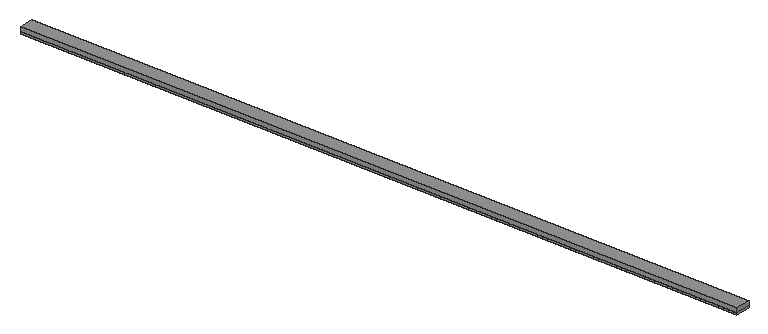
Revit family "0068118", category Lighting Fixtures, host Face, Revit 2017
Family settings
  Host = Face
  Round Connector Dimension = Use Diameter
  Part Type = Normal
  OmniClass Number = 23.80.70.00
  OmniClass Title = Lighting
  Cut with Voids When Loaded = No
  Light Source = Yes
  Shared = No
  Room Calculation Point = No
Parameters (values of type "0068118 START FLEX IP65 830 10250LM - 500 mm")
  Width_SYL = if(IP20HO_SYL, 10 mm, if(IP65_SYL, 12 mm, if(IP65HO_SYL, 10 mm, if(IP67_SYL, 10 mm, if(IP20RGB_SYL, 8 mm, if(IP20RGBW_SYL, 12 mm, if(IP67RGB_SYL, 12 mm, if(IP67RGBW_SYL, 14 mm, 8 mm))))))))  # 10 mm
  Weight = "2.0 kg"
  Wattage Comments = ""
  Wattage = 82.5 W
  WarrantyStartDate [instance] = "n/a"
  WarrantyGuarantorParts = "n/a"
  WarrantyDurationUnit = "n/a"
  WarrantyDurationParts = "n/a"
  WarrantyDescription = "n/a"
  built-in parameter 1150110 = 1 (stored number, unit not read)
  Voltage = 24 V
  URL = "http://www.sylvania-lighting.com"
  TypeName = "START Flex IP65 830 10250lm - 500 mm"
  Type Image = <None>
  Type Comments = "n/a"
  built-in parameter 1114217 = 1 (stored number, unit not read)
  Tilt Angle = -90.00°
  built-in parameter 1150109 = 1 (stored number, unit not read)
  built-in parameter 1150134 = (empty or 0)
  built-in parameter 1150113 = 1 (stored number, unit not read)
  StartCapWidth_SYL = if(IP20HO_SYL, 2 mm, if(IP65_SYL, 14 mm, if(IP65HO_SYL, 12 mm, if(IP67_SYL, 17.5 mm, if(IP20RGB_SYL, 2 mm, if(IP20RGBW_SYL, 2 mm, if(IP67RGB_SYL, 14 mm, if(IP67RGBW_SYL, 16 mm, 2 mm))))))))  # 12 mm
  StartCapVisible_SYL [instance] = no
  StartCapLength_SYL = if(IP20HO_SYL, 2 mm, if(IP65_SYL, 10 mm, if(IP65HO_SYL, 15 mm, if(IP67_SYL, 35 mm, if(IP20RGB_SYL, 2 mm, if(IP20RGBW_SYL, 2 mm, if(IP67RGB_SYL, 12 mm, if(IP67RGBW_SYL, 12 mm, 2 mm))))))))  # 15 mm
  StartCapHeight_SYL = if(IP20HO_SYL, 2 mm, if(IP65_SYL, 6 mm, if(IP65HO_SYL, 6 mm, if(IP67_SYL, 9.5 mm, if(IP20RGB_SYL, 2 mm, if(IP20RGBW_SYL, 2 mm, if(IP67RGB_SYL, 7 mm, if(IP67RGBW_SYL, 7 mm, 2 mm))))))))  # 6 mm
  SerialNumber [instance] = "n/a"
  SealingVisibility_SYL = yes
  IP67_SYL = no
  IP67RGB_SYL = no
  IP67RGBW_SYL = no
  IP65_SYL = no
  IP65HO_SYL = yes
  IP20RGB_SYL = no
  IP20RGBW_SYL = no
  IP20HO_SYL = no
  HeightWithSealing_SYL = if(IP20HO_SYL, 2 mm, if(IP65_SYL, 4 mm, if(IP65HO_SYL, 4 mm, if(IP67_SYL, 6 mm, if(IP20RGB_SYL, 2 mm, if(IP20RGBW_SYL, 2 mm, if(IP67RGB_SYL, 5 mm, if(IP67RGBW_SYL, 5 mm, 2 mm))))))))  # 4 mm
  Photometric Web File = "0068118.ies"
  Material_3_SYL = ABS Plastic
  PowerFactor = 0
  PowerConsumption = "82.5 W"
  NominalLength = 5000 mm
  NominalHeight = 4 mm
  NominalDepth = 12.5 mm
  Name = "START Flex IP65 830 10250lm - 500 mm"
  ModelReference = Name  # "START Flex IP65 830 10250lm - 500 mm"
  ModelNumber = "0068118"
  Model = Name  # "START Flex IP65 830 10250lm - 500 mm"
  Material = "other housing, silicone diffuser"
  ManufacturerName = "Feilo Sylvania"
  Manufacturer = "Feilo Sylvania"
  LuminousEfficacy = "124 lm/W"
  built-in parameter 1150105 = 3579 (stored number, unit not read)
  Lumens = 10230 lm
  LuminaireType = ""
  built-in parameter 1150115 = 1 (stored number, unit not read)
  LightOutputRatio = "n/a"
  built-in parameter 1150137 = (empty or 0)
  built-in parameter 1150139 = (empty or 0)
  Length_SYL = 500 mm
  LampsType = Lamp  # "LED"
  LampNominalLuminous = "10250 lm"
  LampMacAdamStep = "3"
  LampColourTemperature = "3000 K"
  LampColourRenderingIndex = "80"
  built-in parameter 1150112 = 1 (stored number, unit not read)
  built-in parameter 1150114 = 1 (stored number, unit not read)
  Lamp = "LED"
  Keynote = "16500"
  InstallationDate [instance] = "n/a"
  InputVoltage = "24V DC"
  InputNominalFrequency = "n/a"
  built-in parameter 1150132 = (empty or 0)
  built-in parameter 1150102 = (empty or 0)
  built-in parameter 1150107 = 3000 (stored number, unit not read)
  built-in parameter 1150138 = (empty or 0)
  IngressProtection = "IP65"
  ImpactProtectionIndex = "IK00"
  built-in parameter 1150106 = 35.79 (stored number, unit not read)
  IfcExportType = "IfcLightFixtureType"
  IfcExportAs = "IfcLightFixtureType"
  EndCapWidth_SYL = if(IP20HO_SYL, 2 mm, if(IP65_SYL, 14 mm, if(IP65HO_SYL, 12 mm, if(IP67_SYL, 17.5 mm, if(IP20RGB_SYL, 2 mm, if(IP20RGBW_SYL, 2 mm, if(IP67RGB_SYL, 14 mm, if(IP67RGBW_SYL, 16 mm, 2 mm))))))))  # 12 mm
  EndCapVisible_SYL [instance] = no
  EndCapLength_SYL = if(IP20HO_SYL, 2 mm, if(IP65_SYL, 10 mm, if(IP65HO_SYL, 10 mm, if(IP67_SYL, 15 mm, if(IP20RGB_SYL, 2 mm, if(IP20RGBW_SYL, 2 mm, if(IP67RGB_SYL, 10 mm, if(IP67RGBW_SYL, 10 mm, 2 mm))))))))  # 10 mm
  EndCapHeight_SYL = if(IP20HO_SYL, 2 mm, if(IP65_SYL, 6 mm, if(IP65HO_SYL, 6 mm, if(IP67_SYL, 9.5 mm, if(IP20RGB_SYL, 2 mm, if(IP20RGBW_SYL, 2 mm, if(IP67RGB_SYL, 7 mm, if(IP67RGBW_SYL, 7 mm, 2 mm))))))))  # 6 mm
  EmitSurfaceOffset_SYL = 1 mm  # constant formula
  EmitSurfaceHeight_SYL = if(IP20HO_SYL, 1.2 mm, if(IP65_SYL, 4 mm, if(IP65HO_SYL, 4 mm, if(IP67_SYL, 6 mm, if(IP20RGB_SYL, 1.2 mm, if(IP20RGBW_SYL, 1.2 mm, if(IP67RGB_SYL, 5 mm, if(IP67RGBW_SYL, 5 mm, 1.2 mm))))))))  # 4 mm
  built-in parameter 1150127 = if(IP20HO_SYL, 3.5 mm, if(IP65_SYL, 12 mm, if(IP65HO_SYL, 10 mm, if(IP67_SYL, 10 mm, if(IP20RGB_SYL, 5 mm, if(IP20RGBW_SYL, 5 mm, if(IP67RGB_SYL, 12 mm, if(IP67RGBW_SYL, 14 mm, 3.5 mm))))))))  # 10 mm
  Emit from Rectangle Length = Length_SYL - 2 * EmitSurfaceOffset_SYL  # 498 mm
  Emit Shape Visible in Rendering = no
  ElectricShockClassification = "Class III"
  built-in parameter 1150104 = 11.52 (stored number, unit not read)
  DocumentationLiterature = "http://www.sylvania-lighting.com/product/en-int/products/0068118"
  DimmingControlOptions = "n/a"
  Material_2_SYL = LED
  Dimming Lamp Color Temperature Shift = <None>
  Description = "5 metre IP65 LED reel with pre-attached 3M adhesive type;  equipped with 420 LEDs; 10250lm per 5m (2050lm per 1m); 24V; 3000K; CRI80; SDCM <3; 50000 hrs (L70). Needs to be used with aluminium profile for cooling LED chips purpose and therefore assuring longer lifetime (Profile HO Surface 16 0022604 can be used)."
  Default Elevation = 1219.2 mm
  CreatedOn = "9/11/2019"
  CreatedBy = "@sylvania-lighting.com"
  Cost = 0
  Color Filter = 16777215
  built-in parameter 1114216 [instance] = (empty or 0)
  ClassificationValue = "EF_70_80"
  ClassificationName = "Uniclass2015"
  Material_1_SYL = Aluminum
  BarCode [instance] = "n/a"
  built-in parameter 1114218 = 1 (stored number, unit not read)
  Emit from Rectangle Width = 3048 mm
  AssetType = "Fixed"
  AssetIdentifier [instance] = "n/a"
  Assembly Code = "D5020200"
  Apparent Load = 82.5 VA
  Material_4_SYL = Polycarbonate, Clear
Types (4, lengths in mm): name | TypeName | StartCapVisible_SYL | Name | ModelReference | Model | Length_SYL | EndCapVisible_SYL | Emit from Rectangle Length
  0068118 START FLEX IP65 830 10250LM - 500 mm | "START Flex IP65 830 10250lm - 500 mm" | no | "START Flex IP65 830 10250lm - 500 mm" | "START Flex IP65 830 10250lm - 500 mm" | "START Flex IP65 830 10250lm - 500 mm" | 500 | no | 498
  0068118 START FLEX IP65 830 10250LM - 100 mm | "START Flex IP65 830 10250lm - 100 mm" | no | "START Flex IP65 830 10250lm - 100 mm" | "START Flex IP65 830 10250lm - 100 mm" | "START Flex IP65 830 10250lm - 100 mm" | 100 | no | 98
  0068118 START FLEX IP65 830 10250LM - 50 mm | "START Flex IP65 830 10250lm - 50 mm" | yes | "START Flex IP65 830 10250lm - 50 mm" | "START Flex IP65 830 10250lm - 50 mm" | "START Flex IP65 830 10250lm - 50 mm" | 50 | yes | 48
  0068118 START FLEX IP65 830 10250LM - 10 mm | "START Flex IP65 830 10250lm - 10 mm" | yes | "START Flex IP65 830 10250lm - 10 mm" | "START Flex IP65 830 10250lm - 10 mm" | "START Flex IP65 830 10250lm - 10 mm" | 10 | yes | 8
Reference planes
  plane 1 "Center (Front/Back)": y = 0
  plane 2: z = 0
  plane 3 "Center (Left/Right)": x = 0
  plane 4: y = 5
  plane 5: y = -5
  plane 6: z = 1.2
  plane 7: x = 500
  plane 8: x = 250
  plane 9: x = 1
  plane 10: x = 499
  plane 11: y = 1.8
  plane 12: y = -1.8
  plane 13: y = 6
  plane 14: y = -6
  plane 15: x = -15
  plane 16: x = 510
  plane 17: y = 6
  plane 18: y = -6
  plane 19: z = 4
  plane 20: z = 4
  plane 21: z = 2
  plane 22: z = -1
  plane 23: z = 5
  plane 24: z = 5
  plane 25: z = -1
Forms (mm)
  Extrusion 1, solid, material "Aluminum" <- "Material_1_SYL"
    sketch origin (0, 0, 0) x (0, 1, 0) y (0, 0, 1)
      loop
        line (-5, 1.2) -> (-5, 0) -> (5, 0) -> (5, 1.2) -> (-5, 1.2)
    from 0 to 500
  Extrusion 2, solid, material "Polycarbonate, Clear" <- "Material_4_SYL", visible <- "SealingVisibility_SYL"
    sketch origin (0, 0, 0) x (0, 1, 0) y (0, 0, 1)
      loop
        line (-5, 1.2) -> (5, 1.2) -> (5, 4) -> (-5, 4) -> (-5, 1.2)
    from 0 to 500
  Extrusion 3, solid, visible <- "StartCapVisible_SYL"
    sketch origin (0, 0, 0) x (0, 1, 0) y (0, 0, 1)
      loop
        line (-6, -1) -> (6, -1) -> (6, 5) -> (-6, 5) -> (-6, -1)
    from 0 to -15
  Extrusion 4, solid, visible <- "EndCapVisible_SYL"
    sketch origin (500, 1524, 1219.2) x (0, 1, 0) y (0, 0, 1)
      loop
        line (-1518, -1220.2) -> (-1518, -1214.2) -> (-1530, -1214.2) -> (-1530, -1220.2) -> (-1518, -1220.2)
    from 0 to 10
Lines and regions (mm)
  Split face 1
    outline origin (0, -5, 1.2) x (0, 1, 0) y (-1, 0, 0)
      loop
        line (6.8, -1) -> (3.2, -1) -> (3.2, -499) -> (6.8, -499) -> (6.8, -1)
  reference lines
    curve 1: line (1, 1.8, 0) -> (499, 1.8, 0)
    curve 2: line (1, -1.8, 0) -> (1, 1.8, 0)
    curve 3: line (499, -1.8, 0) -> (1, -1.8, 0)
    curve 4: line (499, 1.8, 0) -> (499, -1.8, 0)
Dimensions and locks
  equal spacing: plane 5, plane 1 "Center (Front/Back)", plane 4
  "Width_SYL": plane 5 to plane 4
  "Length_SYL": plane 3 "Center (Left/Right)" to plane 7
  "EmitSurfaceOffset_SYL": plane 3 "Center (Left/Right)" to plane 9
  equal spacing: plane 9, plane 8, plane 10
  "EmitSurfaceOffset_SYL": plane 10 to plane 7
  equal spacing: plane 12, plane 1 "Center (Front/Back)", plane 11
  locked: plane 12 to plane 11 at 3.6
  equal spacing: plane 14, plane 1 "Center (Front/Back)", plane 13
  "StartCapWidth_SYL": plane 14 to plane 13
  "StartCapLength_SYL": plane 15 to plane 3 "Center (Left/Right)"
  equal spacing: plane 18, plane 1 "Center (Front/Back)", plane 17
  "EndCapWidth_SYL": plane 18 to plane 17
  "EndCapLength_SYL": plane 7 to plane 16
  "EmitSurfaceHeight_SYL": plane 19 to plane 2
  "HeightWithSealing_SYL": host face to plane 20
  equal spacing: plane 2, plane 21, plane 19
  equal spacing: plane 22, plane 21, plane 23
  "EndCapHeight_SYL": plane 22 to plane 23
  equal spacing: plane 25, plane 21, plane 24
  "StartCapHeight_SYL": plane 25 to plane 24
  aligned and locked: plane 2 to host face
  aligned and locked: level to host face
  aligned and locked: plane 6 to Extrusion 1 sketch curve
  aligned and locked: Extrusion 1 sketch curve to plane 5
  aligned and locked: level to Extrusion 1 sketch curve
  aligned and locked: plane 4 to Extrusion 1 sketch curve
  aligned and locked: plane 7 to Extrusion 1
  aligned and locked: imposter light to plane 1 "Center (Front/Back)"
  aligned and locked: plane 8 to imposter light
  aligned and locked: plane 11 to curve 1
  aligned and locked: plane 9 to curve 2
  aligned and locked: curve 3 to plane 12
  aligned and locked: curve 4 to plane 10
  aligned and locked: Split face 1 sketch curve to curve 1
  aligned and locked: Split face 1 sketch curve to curve 4
  aligned and locked: Split face 1 sketch curve to curve 3
  aligned and locked: Split face 1 sketch curve to curve 2
  aligned and locked: imposter light to plane 19
  aligned and locked: Extrusion 2 sketch curve to Extrusion 1  (x2)
  aligned and locked: Extrusion 2 sketch curve to plane 20
  aligned and locked: Extrusion 2 sketch curve to plane 4
  aligned and locked: Extrusion 2 to plane 3 "Center (Left/Right)"
  aligned and locked: plane 7 to Extrusion 2
  aligned and locked: plane 22 to Extrusion 3 sketch curve
  aligned and locked: plane 14 to Extrusion 3 sketch curve
  aligned and locked: Extrusion 3 sketch curve to plane 23
  aligned and locked: Extrusion 3 sketch curve to plane 13
  aligned and locked: Extrusion 3 to plane 15
  aligned and locked: plane 3 "Center (Left/Right)" to Extrusion 3
  aligned and locked: plane 13 to Extrusion 4 sketch curve
  aligned and locked: plane 23 to Extrusion 4 sketch curve
  aligned and locked: Extrusion 4 sketch curve to plane 18
  aligned and locked: Extrusion 4 sketch curve to plane 25
  aligned and locked: plane 16 to Extrusion 4
  aligned and locked: Extrusion 4 to plane 7
Automatic sketch dimensions
  host sketch curve to host sketch curve = 600 mm
  host sketch curve to host sketch curve = 100 mm
Connectors
  electrical at (0, 0, 0.6), driven by "Voltage", driven by "Apparent Load", driven by "PowerFactor"
    settings: on Extrusion 1, index 1, voltage 24 V, apparent load 82.5 VA, apparent load phase1 0 VA, apparent load phase2 0 VA, apparent load phase3 0 VA, power factor 0, load classification "Other", number of poles 1, system type 30, power factor state 1, is connector primary yes, connector utility no, sub classification motor no, connector description ""
